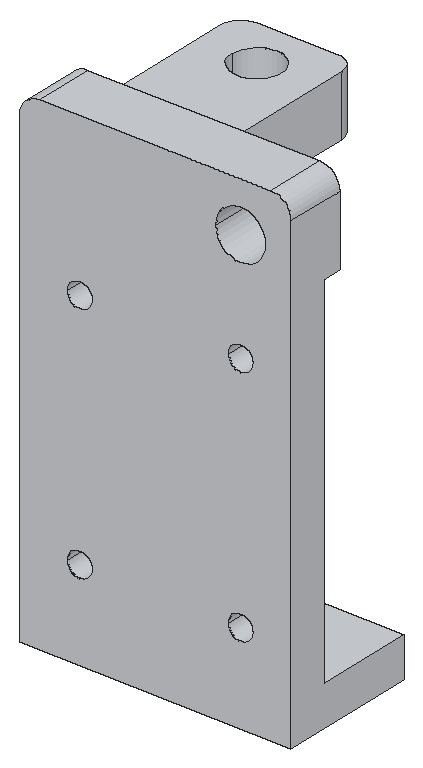
Revit family "Bearing Block", category Generic Models, Revit 2012
Parameters
  Top_Web_Width = Side_Roller_Radius * 2  # 1.500"
  Top_Web_Rail_Clear = 0.250"
  Top_Web_Notch_Length = Top_Web_Width + (Edge_Radius * 2)  # 2.000"
  Top_Web_Edge_Offset = Side_Roller_Hole_Diameter  # 0.625"
  Top_Roller_Web_Edge_Thickness = 0.750"
  Top_Roller_Radius = 0.750"
  Top_Roller_Hole_Radius = Top_Roller_Hole_Diameter / 2  # 0.3125"
  Top_Roller_Hole_Diameter = 0.625"
  Roller_Hole_CtoC = 2.000"
  Siesmic_Web_Offset = 0.250"
  Siesmic_Web_Location = Rail_Height + Siesmic_Web_Offset + Bearing_Block_Web_Thickness  # 4.750"
  Side_Web_Width = Top_Roller_Radius * 2  # 1.500"
  Side_Web_Edge_Offset = Top_Roller_Hole_Diameter  # 0.625"
  Side_Roller_Web_Edge_Thickness = 0.750"
  Side_Roller_Hole_Radius = Side_Roller_Hole_Diameter / 2  # 0.3125"
  Side_Roller_Hole_Diameter = 0.625"
  Side_Roller_Radius = 0.750"
  Rail_Thickness = 1.250"
  Rail_Height = 4.000"
  Mounting_Hole_Radius = Mounting_Hole_Diameter / 2  # 0.1565"
  Mounting_Hole_Diameter = 0.313"
  Mounting_Hole_CtoC = (Rail_Height + Siesmic_Web_Offset) - (Side_Web_Edge_Offset * 2)  # 3.000"
  Material = none
  Inside_Web_Rail_Clear = 0.250"
  Edge_Radius = 0.250"
  Bearing_Block_Web_Thickness = 0.500"
  Bearing_Block Inside Edge Offset = (Rail_Thickness + Inside_Web_Rail_Clear + Bearing_Block_Web_Thickness) - Top_Roller_Web_Edge_Thickness  # 1.250"
Reference planes (in)
  plane 1 "Center (Front/Back)": y = 0
  plane 2: z = 0
  plane 3 "Center (Left/Right)": x = 0
  plane 4 "Top Roller CL": y = 0.75
  plane 5 "Inside Edge Bearing Block Web": y = -1.25
  plane 6 "Top Web Edge Offset": y = 1.375
  plane 7: z = 0.25
  plane 8: x = 2
  plane 9: z = 0.75
  plane 10: z = 1.375
  plane 11: z = -4.75
  plane 12: x = 2.625
  plane 13: z = -0.625
  plane 14: z = -3.625
Forms (in)
  Extrusion 1, solid, material <- "Material"
    sketch origin (0, 0, 0) x (1, 0, 0) y (0, 1, 0)
      loop
        circle (0, 0.75) r 0.3125
      loop
        line (-0.75, -1.25) -> (1, -1.25)
        arc (1, -1.25) -> (0.82322, -1.17678) -> (0.75, -1) r 0.25
        line (0.75, -1) -> (0.75, 1.125)
        arc (0.75, 1.125) -> (0.67678, 1.30178) -> (0.5, 1.375) r 0.25
        line (0.5, 1.375) -> (-0.5, 1.375)
        arc (-0.5, 1.375) -> (-0.67678, 1.30178) -> (-0.75, 1.125) r 0.25
        line (-0.75, 1.125) -> (-0.75, -1.25)
    from 0 to 0.75
  Extrusion 2, void
    sketch origin (0, 0, 0) x (1, 0, 0) y (0, 1, 0)
      loop
        line (-1, 0.125) -> (-1, -1.25) -> (1, -1.25) -> (1, 0.125) -> (-1, 0.125)
    from 0 to 0.25
  Extrusion 3, solid, material <- "Material"
    sketch origin (0, 0, 0) x (1, 0, 0) y (0, 0, 1)
      loop
        circle (2, 0.75) r 0.3125
      loop
        arc (-0.5, 1.375) -> (-0.67678, 1.30178) -> (-0.75, 1.125) r 0.25
        line (-0.75, 1.125) -> (-0.75, -4.75) -> (2.625, -4.75) -> (2.625, 1.125)
        arc (2.625, 1.125) -> (2.55178, 1.30178) -> (2.375, 1.375) r 0.25
        line (2.375, 1.375) -> (-0.5, 1.375)
      loop
        circle (0, -3.625) r 0.1565
      loop
        circle (0, -0.625) r 0.1565
      loop
        circle (2, -0.625) r 0.1565
      loop
        circle (2, -3.625) r 0.1565
    from 0.25 to 2
  Extrusion 4, void
    sketch origin (0, 0, 0) x (0, 1, 0) y (0, 0, 1)
      loop
        line (-1.25, 1.375) -> (-1.25, 0.25) -> (-1.5, 0.25) -> (-1.5, -4.25) -> (-0.25, -4.25) -> (-0.25, 1.375) -> (-1.25, 1.375)
    from -0.75 to 2.625
Cuts and joins
  Extrusion 2 cuts Extrusion 1
  Extrusion 4 cuts Extrusion 3
  joined: Extrusion 1, Extrusion 3
Dimensions and locks (in)
  "Side_Roller_Radius": plane 4 "Top Roller CL" to plane 1 "Center (Front/Back)"
  "Bearing_Block Inside Edge Offset": plane 5 "Inside Edge Bearing Block Web" to plane 1 "Center (Front/Back)"
  "Top_Web_Edge_Offset": plane 6 "Top Web Edge Offset" to plane 4 "Top Roller CL"
  equal spacing: Extrusion 1 sketch curve, plane 3 "Center (Left/Right)", Extrusion 1 sketch curve
  "Top_Web_Width": Extrusion 1 sketch curve to Extrusion 1 sketch curve
  "Top_Web_Rail_Clear": plane 7 to plane 2
  "Bearing_Block_Web_Thickness": Extrusion 1 to plane 7
  "Side_Roller_Web_Edge_Thickness": Extrusion 1 to Extrusion 1
  "Top_Web_Edge_Offset": plane 4 "Top Roller CL" to Extrusion 2 sketch curve
  equal spacing: Extrusion 2 sketch curve, plane 3 "Center (Left/Right)", Extrusion 2 sketch curve
  "Top_Web_Notch_Length": Extrusion 2 sketch curve to Extrusion 2 sketch curve
  "Top_Roller_Radius": plane 9 to level
  "Side_Web_Edge_Offset": plane 12 to plane 8
  "Side_Web_Edge_Offset": plane 10 to plane 9
  "Siesmic_Web_Location": plane 2 to plane 11
  "Roller_Hole_CtoC": plane 3 "Center (Left/Right)" to plane 8
  "Side_Web_Edge_Offset": plane 2 to plane 13
  "Mounting_Hole_CtoC": plane 13 to plane 14
  "Side_Roller_Hole_Radius": radius of Extrusion 1 sketch curve
  "Edge_Radius": radius of Extrusion 1 sketch curve  (x3)
  "Edge_Radius": radius of Extrusion 3 sketch curve  (x2)
  "Top_Roller_Hole_Radius": radius of Extrusion 3 sketch curve
  "Mounting_Hole_Radius": radius of Extrusion 3 sketch curve  (x4)
  aligned and locked: plane 2 to level
  aligned and locked: plane 4 "Top Roller CL" to Extrusion 1 sketch curve
  aligned and locked: plane 3 "Center (Left/Right)" to Extrusion 1 sketch curve
  aligned and locked: Extrusion 1 sketch curve to plane 6 "Top Web Edge Offset"
  aligned and locked: Extrusion 1 sketch curve to plane 5 "Inside Edge Bearing Block Web"
  aligned and locked: plane 7 to Extrusion 2
  aligned and locked: Extrusion 2 to plane 2
  aligned and locked: plane 8 to Extrusion 3 sketch curve  (x2)
  aligned and locked: plane 9 to Extrusion 3 sketch curve
  aligned and locked: Extrusion 3 sketch curve to plane 12
  aligned and locked: Extrusion 3 sketch curve to plane 10
  aligned and locked: plane 11 to Extrusion 3 sketch curve
  aligned and locked: Extrusion 4 sketch curve to Extrusion 3  (x2)
  aligned and locked: Extrusion 3 sketch curve to cut or joined group of Extrusion 1, Extrusion 2, Extrusion 3, Extrusion 4
  aligned and locked: plane 3 "Center (Left/Right)" to Extrusion 3 sketch curve  (x2)
  aligned and locked: plane 13 to Extrusion 3 sketch curve  (x2)
  aligned and locked: plane 14 to Extrusion 3 sketch curve  (x2)
  aligned and locked: Extrusion 3 sketch curve to plane 8
Automatic sketch dimensions
  plane 1 "Center (Front/Back)" to Extrusion 2 sketch curve = 1.250"
  Extrusion 4 sketch curve to plane 7 = 0.000"
  Extrusion 4 sketch curve to plane 14 = 0.625"
  Extrusion 4 sketch curve to Extrusion 4 sketch curve = 1.250"
  Extrusion 4 sketch curve to Extrusion 4 sketch curve = 0.250"
